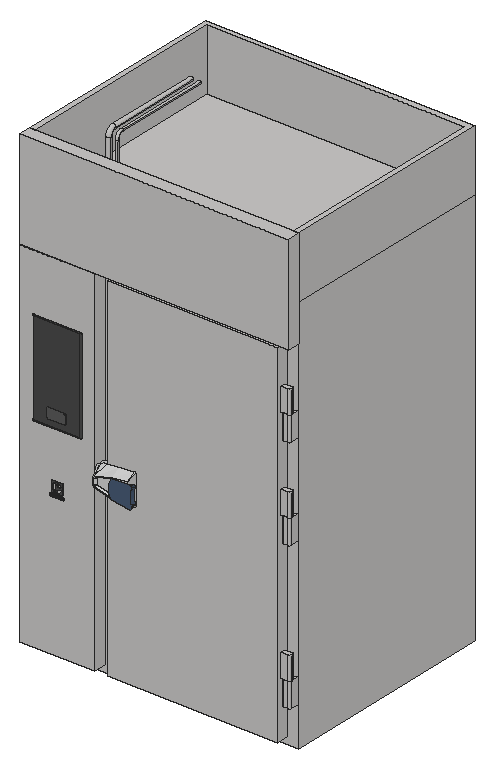
Revit family "QF_ELECTROLUXPROFESSIONAL_727760_EBFA22RN", category Specialty Equipment, Revit 2018
Family settings
  Round Connector Dimension = Use Radius
  Part Type = Normal
  Work Plane-Based = No
  Always vertical = Yes
  Cut with Voids When Loaded = No
  Shared = Yes
  Room Calculation Point = No
Parameters
  Weight = 0.00 kg
  Watts = 0 W
  Volts = 208 V
  URL Manufacturer = "http://professional.electrolux.com"
  URL = "http://professional.electrolux.com"
  Steam Supply Size = 0"
  Steam Supply Minimum Pressure = 0.00 psi
  Steam Supply Maximum Pressure = 0.00 psi
  Steam Pounds per Hour = 0
  Show Logo [instance] = yes
  Refrigeration Suction Line Size = 0"
  Refrigeration Liquid Line Size = 0"
  Refrigerant Compressor Remote = yes
  Phase = 3
  Model = "EBFA22RN"
  Manufacturer = "Electrolux"
  Length Actual = 1400 mm  # constant formula
  Item Number = "727760"
  Hot Water Size = 0"
  Height Actual = 2400 mm  # constant formula
  HP = "9 HP"
  Gas Size = 0"
  Gas KW = 0
  Gas Input Pressure = 0.0 Btu/h
  Direct Waste Size = 3/4"
  Description = "BLAST C/FR 180KG 20GN2/1 REM-208V-US-USB"
  Depth Actual = 1266 mm  # constant formula
  Cycle = 60 Hz
  Condensate Return Size = 0"
  Compressed Air Volume = 0 GPM
  Compressed Air Size = 0"
  Compressed Air Pressure = 0.00 psi
  Cold Water Size = 0"
  Assembly Code = ""
  Show Clearance [instance] = yes
  Accessory = yes
Reference planes
  plane 1 "BACK": y = 1
  plane 2: z = 0
  plane 3 "LEFT": x = 0
  plane 4 "RIGHT": x = 1400
  plane 5 "FRONT": y = -1205
  plane 6 "TOP": z = 2400
  plane 7 "Center Y": x = 700
  plane 8: y = -2155
  plane 9: y = -602
Forms (mm)
  Extrusion 1, solid, material "QF_Clearance", visible <- "Show Clearance", detail levels coarse
    sketch origin (0, 0, -70) x (1, 0, 0) y (0, 1, 0)
      loop
        line (0, -1205) -> (0, 1) -> (1400, 1) -> (1400, -1205) -> (1500, -1205) -> (1500, 101) -> (-100, 101) -> (-100, -1205) -> (0, -1205)
    from 70 to 2670
  Extrusion 2, solid, material "QF_Finishes_Stainless Steel"
    sketch origin (349.253, 33, 630.991) x (-1, 0, 0) y (0, -1, 0)
      loop
        line (349.253, 1172.759) -> (349.253, 1238) -> (-39.747, 1238) -> (-39.747, 1172.759) -> (349.253, 1172.759)
    from -597 to 1254
  Extrusion 3, solid, material "QF_Finishes_Stainless Steel"
    sketch origin (596.16, 27.971, -70) x (1, 0, 0) y (0, 1, 0)
      loop
        line (743.84, -1172.971) -> (-141.16, -1172.971) -> (-141.16, -1232.971) -> (743.84, -1232.971) -> (743.84, -1172.971)
    from 103.991 to 1945.25
  Extrusion 4, solid, material "QF_Door-Drawer Clearances", visible <- "Show Clearance", detail levels coarse
    sketch origin (875, -72.029, -91.802) x (-1, 0, 0) y (0, -1, 0)
      loop
        line (-465, 2025.971) -> (-465, 1132.971) -> (420, 1132.971)
        arc (420, 1132.971) -> (153.836, 1754.227) -> (-465, 2025.971) r 920
    from 125.793 to 1967.052
  Extrusion 5, solid, material "QF_Finishes_Stainless Steel"
    sketch origin (0, -1139.759, 0) x (0, 1, 0) y (-1, 0, 0)
      loop
        line (1140.759, 0) -> (0.759, 0) -> (0.759, -1400) -> (1140.759, -1400) -> (1140.759, 0)
    from 0 to 2080
  Extrusion 6, solid, material "QF_Finishes_Stainless Steel"
    sketch origin (0, 0, -70) x (0, 1, 0) y (0, 0, 1)
      loop
        line (-1139, 2470) -> (-1205, 2470) -> (-1205, 1956) -> (-1139, 1956) -> (-1139, 2470)
    from 0 to 1400
  Extrusion 7, solid, material "QF_Finishes_Stainless Steel"
    sketch origin (0, -1139.759, 2080) x (0, 1, 0) y (-1, 0, 0)
      loop
        line (1140.759, 0) -> (0.759, 0) -> (0.759, -27.807) -> (1112.952, -27.807) -> (1112.952, -1372.193) -> (0.759, -1372.193) -> (0.759, -1400) -> (1140.759, -1400) -> (1140.759, 0)
    from 0 to 320
  Extrusion 8, solid, material "QF_Clearance", visible <- "Show Clearance", detail levels coarse
    sketch origin (0, 0, 2400) x (-1, 0, 0) y (0, -1, 0)
      loop
        line (0, 1205) -> (-1400, 1205) -> (-1400, -1) -> (0, -1) -> (0, 1205)
    from 0 to 200
  Extrusion 9, solid, material "QF_Finishes_Stainless Steel"
    sketch origin (-390.239, -0.977, 1172.559) x (1, 0, 0) y (0, 1, 0)
      loop
        line (1730.239, -1159.557) -> (1730.239, -1186.759) -> (1771.078, -1186.759)
        arc (1771.078, -1186.759) -> (1778.149, -1183.83) -> (1781.078, -1176.759) r 10
        line (1781.078, -1176.759) -> (1781.078, -1169.557)
        arc (1781.078, -1169.557) -> (1778.149, -1162.486) -> (1771.078, -1159.557) r 10
        line (1771.078, -1159.557) -> (1730.239, -1159.557)
    from 398 to 516
  Extrusion 10, solid, material "QF_Finishes_Stainless Steel"
    sketch origin (-388.989, -0.977, 1172.559) x (1, 0, 0) y (0, 1, 0)
      loop
        line (1779.828, -1138.023) -> (1738.215, -1138.023) -> (1738.215, -1176.759)
        arc (1738.215, -1176.759) -> (1741.143, -1183.83) -> (1748.215, -1186.759) r 10
        line (1748.215, -1186.759) -> (1769.828, -1186.759)
        arc (1769.828, -1186.759) -> (1776.899, -1183.83) -> (1779.828, -1176.759) r 10
        line (1779.828, -1176.759) -> (1779.828, -1138.023)
    from 269 to 396
  Extrusion 11, solid, material "QF_Finishes_Handrails and Railings"
    sketch origin (0, -1205, -139.705) x (-1, 0, 0) y (0, 0, 1)
      loop
        arc (-455, 1022.346) -> (-433.392, 1027.289) -> (-413, 1035.976) r 124.815
        arc (-413, 1035.976) -> (-402.037, 1046.425) -> (-398, 1061.023) r 28.412
        line (-398, 1061.023) -> (-398, 1124.287)
        arc (-398, 1124.287) -> (-402.037, 1138.885) -> (-413, 1149.334) r 28.412
        arc (-413, 1149.334) -> (-433.392, 1158.021) -> (-455, 1162.964) r 124.815
        line (-455, 1162.964) -> (-455, 1022.346)
    from 0 to 25
  Extrusion 12, solid, material "QF_Finishes_Stainless Steel"
    sketch origin (0, 1, -70) x (1, 0, 0) y (0, 0, 1)
      loop
        circle (50.191, 2279.706) r 10
    from -2 to 0
  Extrusion 13, solid
    sketch origin (0, 0, -70) x (1, 0, 0) y (0, 1, 0)
      loop
        circle (271, -895) r 12.7
    from 180 to 190
  Sweep 14, solid, material "QF_Finishes_Stainless Steel"
    path in 3D
      loop
        line (196, -872.727, 2090) -> (196, -872.727, 2314.785)
        arc (196, -872.727, 2314.785) -> (196, -863.94, 2335.999) -> (196, -842.727, 2344.785) r 30
        line (196, -842.727, 2344.785) -> (196, -337, 2344.785)
    profile origin (196, -589.864, 2344.785) x (-1, 0, 0) y (0, 0, 1)
      loop
        circle (0, -0.785) r 11
  Sweep 15, solid, material "QF_Finishes_Stainless Steel"
    path in 3D
      loop
        line (239, -337, 2344) -> (239, -842.727, 2344)
        arc (239, -842.727, 2344) -> (239, -863.94, 2335.213) -> (239, -872.727, 2314) r 30
        line (239, -872.727, 2314) -> (239, -872.727, 2090)
    profile origin (239, -589.864, 2344) x (1, 0, 0) y (0, 0, 1)
      loop
        circle (0, 0) r 6
  Extrusion 16, solid, material "QF_Finishes_Stainless Steel"
    sketch origin (0, -1139.759, 2080) x (0, 1, 0) y (-1, 0, 0)
      loop
        line (272.791, -163.68) -> (262.791, -163.68)
        arc (262.791, -163.68) -> (252.185, -168.074) -> (247.791, -178.68) r 15
        line (247.791, -178.68) -> (247.791, -270.358)
        arc (247.791, -270.358) -> (252.185, -280.965) -> (262.791, -285.358) r 15
        line (262.791, -285.358) -> (272.791, -285.358)
        arc (272.791, -285.358) -> (283.398, -280.965) -> (287.791, -270.358) r 15
        line (287.791, -270.358) -> (287.791, -178.68)
        arc (287.791, -178.68) -> (283.398, -168.074) -> (272.791, -163.68) r 15
    from 0 to 10
  Blend 17, solid, material "QF_Finishes_Handrails and Railings"
    base sketch origin (0, -1205, -139.705) x (1, 0, 0) y (0, 0, 1)
      loop
        arc (455, 1162.964) -> (433.392, 1158.021) -> (413, 1149.334) r 124.815
        arc (413, 1149.334) -> (402.037, 1138.885) -> (398, 1124.287) r 28.412
        line (398, 1124.287) -> (398, 1061.023)
        arc (398, 1061.023) -> (402.037, 1046.425) -> (413, 1035.976) r 28.412
        arc (413, 1035.976) -> (433.392, 1027.289) -> (455, 1022.346) r 124.815
        arc (455, 1022.346) -> (524.77, 1014.896) -> (594.859, 1011.587) r 1185.63
        arc (594.859, 1011.587) -> (600.607, 1013.879) -> (603, 1019.586) r 8
        line (603, 1019.586) -> (603, 1165.724)
        arc (603, 1165.724) -> (600.607, 1171.431) -> (594.859, 1173.723) r 8
        arc (594.859, 1173.723) -> (524.77, 1170.414) -> (455, 1162.964) r 1185.63
    top sketch origin (0, -1205, -139.705) x (1, 0, 0) y (0, 0, 1)
      loop
        line (421, 1108.337) -> (421, 1076.973)
        arc (421, 1076.973) -> (423.295, 1069.915) -> (429.302, 1065.557) r 12
        arc (429.302, 1065.557) -> (515.086, 1044.22) -> (603, 1034.974) r 636.459
        line (603, 1034.974) -> (603, 1150.336)
        arc (603, 1150.336) -> (515.086, 1141.09) -> (429.302, 1119.753) r 636.459
        arc (429.302, 1119.753) -> (423.295, 1115.395) -> (421, 1108.337) r 12
    from 0 to 50
  Blend 18, void
    base sketch origin (0, -1255, -139.705) x (-1, 0, 0) y (0, 0, 1)
      loop
        arc (-430.843, 1114.996) -> (-515.866, 1136.151) -> (-603, 1145.333) r 631.459
        line (-603, 1145.333) -> (-603, 1039.977)
        arc (-603, 1039.977) -> (-515.866, 1049.159) -> (-430.843, 1070.314) r 631.459
        arc (-430.843, 1070.314) -> (-427.339, 1072.856) -> (-426, 1076.973) r 7
        line (-426, 1076.973) -> (-426, 1108.337)
        arc (-426, 1108.337) -> (-427.339, 1112.454) -> (-430.843, 1114.996) r 7
    top sketch origin (0, -1255, -139.705) x (-1, 0, 0) y (0, 0, 1)
      loop
        arc (-432.384, 1110.24) -> (-516.647, 1131.211) -> (-603, 1140.33) r 626.459
        line (-603, 1140.33) -> (-603, 1044.98)
        arc (-603, 1044.98) -> (-516.647, 1054.099) -> (-432.384, 1075.07) r 626.459
        arc (-432.384, 1075.07) -> (-431.382, 1075.797) -> (-431, 1076.973) r 2
        line (-431, 1076.973) -> (-431, 1108.337)
        arc (-431, 1108.337) -> (-431.382, 1109.513) -> (-432.384, 1110.24) r 2
    from 0 to 10
  Blend 19, solid, material "QF_Finishes_Electrolux_Blue"
    base sketch origin (0, -1245, -139.705) x (1, 0, 0) y (0, 0, 1)
      loop
        arc (628.567, 1043.419) -> (622.014, 1092.655) -> (628.567, 1141.89) r 188.232
        arc (628.567, 1141.89) -> (627.358, 1147.991) -> (621.77, 1150.721) r 7
        arc (621.77, 1150.721) -> (572.304, 1148.509) -> (523.16, 1142.458) r 636.459
        arc (523.16, 1142.458) -> (507.711, 1092.655) -> (523.16, 1042.852) r 88
        arc (523.16, 1042.852) -> (572.304, 1036.801) -> (621.77, 1034.589) r 636.459
        arc (621.77, 1034.589) -> (627.358, 1037.319) -> (628.567, 1043.419) r 7
    top sketch origin (0, -1245, -139.705) x (1, 0, 0) y (0, 0, 1)
      loop
        arc (626.748, 1050.703) -> (622.014, 1092.655) -> (626.748, 1134.607) r 188.232
        arc (626.748, 1134.607) -> (625.775, 1138.85) -> (621.845, 1140.722) r 5
        arc (621.845, 1140.722) -> (569.023, 1138.185) -> (516.603, 1131.203) r 626.459
        arc (516.603, 1131.203) -> (507.711, 1092.655) -> (516.603, 1054.107) r 88
        arc (516.603, 1054.107) -> (569.023, 1047.124) -> (621.845, 1044.588) r 626.459
        arc (621.845, 1044.588) -> (625.775, 1046.46) -> (626.748, 1050.703) r 5
    from 20 to 0
  Extrusion 20, solid, material "QF_Finishes_Stainless Steel"
    sketch origin (-390.239, -0.977, 692.559) x (1, 0, 0) y (0, 1, 0)
      loop
        line (1730.239, -1159.557) -> (1730.239, -1186.759) -> (1771.078, -1186.759)
        arc (1771.078, -1186.759) -> (1778.149, -1183.83) -> (1781.078, -1176.759) r 10
        line (1781.078, -1176.759) -> (1781.078, -1169.557)
        arc (1781.078, -1169.557) -> (1778.149, -1162.486) -> (1771.078, -1159.557) r 10
        line (1771.078, -1159.557) -> (1730.239, -1159.557)
    from 398 to 516
  Extrusion 21, solid, material "QF_Finishes_Stainless Steel"
    sketch origin (-388.989, -0.977, 692.559) x (1, 0, 0) y (0, 1, 0)
      loop
        line (1779.828, -1138.023) -> (1738.215, -1138.023) -> (1738.215, -1176.759)
        arc (1738.215, -1176.759) -> (1741.143, -1183.83) -> (1748.215, -1186.759) r 10
        line (1748.215, -1186.759) -> (1769.828, -1186.759)
        arc (1769.828, -1186.759) -> (1776.899, -1183.83) -> (1779.828, -1176.759) r 10
        line (1779.828, -1176.759) -> (1779.828, -1138.023)
    from 269 to 396
  Extrusion 22, solid, material "QF_Finishes_Stainless Steel"
    sketch origin (-390.239, -0.977, -67.441) x (1, 0, 0) y (0, 1, 0)
      loop
        line (1730.239, -1159.557) -> (1730.239, -1186.759) -> (1771.078, -1186.759)
        arc (1771.078, -1186.759) -> (1778.149, -1183.83) -> (1781.078, -1176.759) r 10
        line (1781.078, -1176.759) -> (1781.078, -1169.557)
        arc (1781.078, -1169.557) -> (1778.149, -1162.486) -> (1771.078, -1159.557) r 10
        line (1771.078, -1159.557) -> (1730.239, -1159.557)
    from 398 to 516
  Extrusion 23, solid, material "QF_Finishes_Stainless Steel"
    sketch origin (-388.989, -0.977, -67.441) x (1, 0, 0) y (0, 1, 0)
      loop
        line (1779.828, -1138.023) -> (1738.215, -1138.023) -> (1738.215, -1176.759)
        arc (1738.215, -1176.759) -> (1741.143, -1183.83) -> (1748.215, -1186.759) r 10
        line (1748.215, -1186.759) -> (1769.828, -1186.759)
        arc (1769.828, -1186.759) -> (1776.899, -1183.83) -> (1779.828, -1176.759) r 10
        line (1779.828, -1176.759) -> (1779.828, -1138.023)
    from 269 to 396
  Extrusion 24, solid, material "QF_Door-Drawer Clearances", visible <- "Show Clearance", detail levels coarse
    sketch origin (167.029, -1956.84, -70) x (0, 1, 0) y (-1, 0, 0)
      loop
        line (751.84, -1172.971) -> (-141.16, -1172.971) -> (-141.16, -1232.971) -> (751.84, -1232.971) -> (751.84, -1172.971)
    from 103.991 to 1945.25
  Extrusion 25, solid, material "QF_Door-Drawer Clearances", visible <- "Show Clearance", detail levels coarse
    sketch origin (1400, -2553, -139.705) x (0, -1, 0) y (0, 0, 1)
      loop
        arc (-455, 1022.346) -> (-433.392, 1027.289) -> (-413, 1035.976) r 124.815
        arc (-413, 1035.976) -> (-402.037, 1046.425) -> (-398, 1061.023) r 28.412
        line (-398, 1061.023) -> (-398, 1124.287)
        arc (-398, 1124.287) -> (-402.037, 1138.885) -> (-413, 1149.334) r 28.412
        arc (-413, 1149.334) -> (-433.392, 1158.021) -> (-455, 1162.964) r 124.815
        line (-455, 1162.964) -> (-455, 1022.346)
    from 0 to 25
  Blend 26, solid, material "QF_Door-Drawer Clearances", visible <- "Show Clearance", detail levels coarse
    base sketch origin (1400, -2553, -139.705) x (0, 1, 0) y (0, 0, 1)
      loop
        arc (455, 1162.964) -> (433.392, 1158.021) -> (413, 1149.334) r 124.815
        arc (413, 1149.334) -> (402.037, 1138.885) -> (398, 1124.287) r 28.412
        line (398, 1124.287) -> (398, 1061.023)
        arc (398, 1061.023) -> (402.037, 1046.425) -> (413, 1035.976) r 28.412
        arc (413, 1035.976) -> (433.392, 1027.289) -> (455, 1022.346) r 124.815
        arc (455, 1022.346) -> (524.77, 1014.896) -> (594.859, 1011.587) r 1185.63
        arc (594.859, 1011.587) -> (600.607, 1013.879) -> (603, 1019.586) r 8
        line (603, 1019.586) -> (603, 1165.724)
        arc (603, 1165.724) -> (600.607, 1171.431) -> (594.859, 1173.723) r 8
        arc (594.859, 1173.723) -> (524.77, 1170.414) -> (455, 1162.964) r 1185.63
    top sketch origin (1400, -2553, -139.705) x (0, 1, 0) y (0, 0, 1)
      loop
        line (421, 1108.337) -> (421, 1076.973)
        arc (421, 1076.973) -> (423.295, 1069.915) -> (429.302, 1065.557) r 12
        arc (429.302, 1065.557) -> (515.086, 1044.22) -> (603, 1034.974) r 636.459
        line (603, 1034.974) -> (603, 1150.336)
        arc (603, 1150.336) -> (515.086, 1141.09) -> (429.302, 1119.753) r 636.459
        arc (429.302, 1119.753) -> (423.295, 1115.395) -> (421, 1108.337) r 12
    from 0 to 50
  Blend 27, void
    base sketch origin (1450, -2553, -139.705) x (0, -1, 0) y (0, 0, 1)
      loop
        arc (-430.843, 1114.996) -> (-515.866, 1136.151) -> (-603, 1145.333) r 631.459
        line (-603, 1145.333) -> (-603, 1039.977)
        arc (-603, 1039.977) -> (-515.866, 1049.159) -> (-430.843, 1070.314) r 631.459
        arc (-430.843, 1070.314) -> (-427.339, 1072.856) -> (-426, 1076.973) r 7
        line (-426, 1076.973) -> (-426, 1108.337)
        arc (-426, 1108.337) -> (-427.339, 1112.454) -> (-430.843, 1114.996) r 7
    top sketch origin (1450, -2553, -139.705) x (0, -1, 0) y (0, 0, 1)
      loop
        arc (-432.384, 1110.24) -> (-516.647, 1131.211) -> (-603, 1140.33) r 626.459
        line (-603, 1140.33) -> (-603, 1044.98)
        arc (-603, 1044.98) -> (-516.647, 1054.099) -> (-432.384, 1075.07) r 626.459
        arc (-432.384, 1075.07) -> (-431.382, 1075.797) -> (-431, 1076.973) r 2
        line (-431, 1076.973) -> (-431, 1108.337)
        arc (-431, 1108.337) -> (-431.382, 1109.513) -> (-432.384, 1110.24) r 2
    from 0 to 10
  Blend 28, solid, material "QF_Door-Drawer Clearances", visible <- "Show Clearance", detail levels coarse
    base sketch origin (1440, -2553, -139.705) x (0, 1, 0) y (0, 0, 1)
      loop
        arc (628.567, 1043.419) -> (622.014, 1092.655) -> (628.567, 1141.89) r 188.232
        arc (628.567, 1141.89) -> (627.358, 1147.991) -> (621.77, 1150.721) r 7
        arc (621.77, 1150.721) -> (572.304, 1148.509) -> (523.16, 1142.458) r 636.459
        arc (523.16, 1142.458) -> (507.711, 1092.655) -> (523.16, 1042.852) r 88
        arc (523.16, 1042.852) -> (572.304, 1036.801) -> (621.77, 1034.589) r 636.459
        arc (621.77, 1034.589) -> (627.358, 1037.319) -> (628.567, 1043.419) r 7
    top sketch origin (1440, -2553, -139.705) x (0, 1, 0) y (0, 0, 1)
      loop
        arc (626.748, 1050.703) -> (622.014, 1092.655) -> (626.748, 1134.607) r 188.232
        arc (626.748, 1134.607) -> (625.775, 1138.85) -> (621.845, 1140.722) r 5
        arc (621.845, 1140.722) -> (569.023, 1138.185) -> (516.603, 1131.203) r 626.459
        arc (516.603, 1131.203) -> (507.711, 1092.655) -> (516.603, 1054.107) r 88
        arc (516.603, 1054.107) -> (569.023, 1047.124) -> (621.845, 1044.588) r 626.459
        arc (621.845, 1044.588) -> (625.775, 1046.46) -> (626.748, 1050.703) r 5
    from 20 to -1
Cuts and joins
  Blend 18 cuts Blend 17
  joined: Extrusion 11, Blend 17
  Blend 18 cuts Extrusion 4
  Blend 27 cuts Blend 26
  Blend 27 cuts Blend 28
  joined: Extrusion 4, Extrusion 24, Extrusion 25, Blend 26, Blend 28
  joined: Extrusion 7, Extrusion 12
  joined: Extrusion 5, Extrusion 10, Sweep 14, Sweep 15, Extrusion 16, Extrusion 21, Extrusion 23
  joined: Extrusion 3, Extrusion 9, Extrusion 20, Extrusion 22
  joined: Extrusion 1, Extrusion 8
Lines and regions (mm)
  symbolic lines, style "QF-Clearances", visible <- "Show Clearance", detail levels coarse
    curve 1: line (-100, -1204.241, 70) -> (-100, 101, 70)
    curve 2: line (-100, 101, 70) -> (1500, 101, 70)
    curve 3: line (1500, 101, 70) -> (1500, -1204.241, 70)
  symbolic lines
    curve 4: line (185, -336.968, 70) -> (207, -336.968, 70)
    curve 5: line (207, -336.968, 70) -> (207, -871.942, 70)
    curve 6: line (233, -872.727, 70) -> (233, -337, 70)
    curve 7: line (233, -337, 70) -> (245, -337, 70)
    curve 8: line (245, -337, 70) -> (245, -872.727, 70)
    curve 9: line (245, -851.968, 70) -> (270.358, -851.968, 70)
    curve 10: arc (285.358, -866.968, 70) -> (280.965, -856.361, 70) -> (270.358, -851.968, 70) r 15
    curve 11: line (285.358, -876.968, 70) -> (285.358, -866.968, 70)
    curve 12: arc (270.358, -891.968, 70) -> (280.965, -887.575, 70) -> (285.358, -876.968, 70) r 15
    curve 13: line (178.68, -891.968, 70) -> (270.358, -891.968, 70)
    curve 14: arc (163.68, -876.968, 70) -> (168.074, -887.575, 70) -> (178.68, -891.968, 70) r 15
    curve 15: line (163.68, -866.968, 70) -> (163.68, -876.968, 70)
    curve 16: arc (178.68, -851.968, 70) -> (168.074, -856.361, 70) -> (163.68, -866.968, 70) r 15
    curve 17: arc (207, -871.942, 70) -> (196, -882.942, 70) -> (185, -871.942, 70) r 11
    curve 18: arc (233, -872.727, 70) -> (239, -878.727, 70) -> (245, -872.727, 70) r 6
    curve 19: line (178.68, -851.968, 70) -> (185, -851.968, 70)
    curve 20: line (185, -336.968, 70) -> (185, -871.942, 70)
    curve 21: line (207, -851.968, 70) -> (233, -851.968, 70)
    curve 22: line (0, 1, 70) -> (1400, 1, 70)
    curve 23: line (0, -1205, 70) -> (0, 1, 70)
    curve 24: line (1400, -1205, 70) -> (0, -1205, 70)
    curve 25: line (1400, 1, 70) -> (1400, -1205, 70)
    curve 26: line (27.807, -26.807, 70) -> (1372.193, -26.807, 70)
    curve 27: line (27.807, -1139, 70) -> (27.807, -26.807, 70)
    curve 28: line (1400, -1139, 70) -> (0, -1139, 70)
    curve 29: line (1372.193, -26.807, 70) -> (1372.193, -1139, 70)
    curve 30: line (75.5, -1210, 70) -> (313.5, -1210, 70)
    curve 31: line (75.5, -1210, 70) -> (67.5, -1205, 70)
    curve 32: line (313.5, -1210, 70) -> (321.5, -1205, 70)
    curve 33: line (421, -1255, 70) -> (398, -1205, 70)
    curve 34: line (421, -1255, 70) -> (603, -1255, 70)
    curve 35: line (603, -1255, 70) -> (603, -1205, 70)
    curve 36: line (603, -1245, 70) -> (626.748, -1245, 70)
    curve 37: line (626.748, -1245, 70) -> (628.811, -1265, 70)
    curve 38: line (628.811, -1265, 70) -> (507.711, -1265, 70)
    curve 39: line (507.711, -1265, 70) -> (507.711, -1255, 70)
  symbolic lines, style "QF_Door-Drawer Clearances", visible <- "Show Clearance"
    curve 40: line (1450, -2132, 70) -> (1400, -2155, 70)
    curve 41: line (1450, -2132, 70) -> (1450, -1950, 70)
    curve 42: line (1450, -1950, 70) -> (1400, -1950, 70)
    curve 43: line (1439, -1950, 70) -> (1439, -1926.126, 70)
    curve 44: line (1439, -1926.126, 70) -> (1460, -1924.189, 70)
    curve 45: line (1460, -1924.189, 70) -> (1460, -2045.289, 70)
    curve 46: line (1460, -2045.289, 70) -> (1450, -2045.289, 70)
    curve 47: line (1375, -2098, 70) -> (1375, -2155, 70)
    curve 48: line (1340, -2098, 70) -> (1400, -2098, 70)
    curve 49: arc (457.796, -1255, 70) -> (739.031, -1843.801, 70) -> (1340, -2098, 70) r 920
    curve 50: line (1400, -2155, 70) -> (1375, -2155, 70)
    curve 51: line (1400, -2098, 70) -> (1400, -1205, 70)
    curve 58: line (1340, -2098, 70) -> (1340, -1205, 70)
  sketch lines
    curve 52: line (196, -842.727, 2344.785) -> (196, -337, 2344.785)
    curve 53: arc (196, -872.727, 2314.785) -> (196, -863.94, 2335.999) -> (196, -842.727, 2344.785) r 30
    curve 54: line (196, -872.727, 2090) -> (196, -872.727, 2314.785)
    curve 55: line (239, -337, 2344) -> (239, -842.727, 2344)
    curve 56: arc (239, -842.727, 2344) -> (239, -863.94, 2335.213) -> (239, -872.727, 2314) r 30
    curve 57: line (239, -872.727, 2314) -> (239, -872.727, 2090)
Dimensions and locks
  plane 5 "FRONT" to plane 1 "BACK" = 1206 mm
  plane 6 "TOP" to level = 2400 mm
  plane 4 "RIGHT" to plane 3 "LEFT" = 1400 mm
  plane 3 "LEFT" to plane 4 "RIGHT" = 1400 mm
  equal spacing: plane 3 "LEFT", plane 7 "Center Y", plane 4 "RIGHT"
  plane 1 "BACK" to plane 5 "FRONT" = 1206 mm
  aligned and locked: level to plane 2
Automatic sketch dimensions
  plane 5 "FRONT" to Extrusion 1 sketch curve = 0 mm  (x2)
  Extrusion 1 sketch curve to plane 3 "LEFT" = 0 mm
  plane 1 "BACK" to Extrusion 1 sketch curve = 0 mm
  Extrusion 1 sketch curve to plane 4 "RIGHT" = 0 mm
  Extrusion 1 sketch curve to plane 3 "LEFT" = 100 mm
  plane 4 "RIGHT" to Extrusion 1 sketch curve = 100 mm
  Extrusion 1 sketch curve to plane 1 "BACK" = 100 mm
  plane 5 "FRONT" to Extrusion 2 sketch curve = 0 mm
  Extrusion 2 sketch curve to plane 3 "LEFT" = 0 mm
  Extrusion 2 sketch curve to plane 5 "FRONT" = 65.241 mm
  plane 5 "FRONT" to Extrusion 3 sketch curve = 0 mm
  Extrusion 3 sketch curve to plane 5 "FRONT" = 60 mm
  Extrusion 3 sketch curve to plane 4 "RIGHT" = 60 mm
  plane 5 "FRONT" to Extrusion 4 sketch curve = 0 mm
  Extrusion 4 sketch curve to plane 4 "RIGHT" = 25.377 mm
  Extrusion 4 sketch curve to Extrusion 4 sketch curve = 34.623 mm
  Extrusion 4 sketch curve to plane 5 "FRONT" = 26.348 mm
  Extrusion 5 sketch curve to plane 3 "LEFT" = 0 mm
  Extrusion 5 sketch curve to plane 4 "RIGHT" = 0 mm
  plane 1 "BACK" to Extrusion 5 sketch curve = 0 mm
  Extrusion 5 sketch curve to plane 5 "FRONT" = 66 mm
  Extrusion 6 sketch curve to plane 5 "FRONT" = 0 mm
  Extrusion 6 sketch curve to plane 5 "FRONT" = 66 mm
  Extrusion 6 sketch curve to plane 6 "TOP" = 514 mm
  plane 6 "TOP" to Extrusion 6 sketch curve = 0 mm
  Extrusion 5 to Extrusion 7 sketch curve = 0 mm
  Extrusion 7 sketch curve to Extrusion 5 = 0 mm  (x4)
  Extrusion 7 sketch curve to Extrusion 5 = 27.807 mm  (x3)
  Extrusion 8 sketch curve to plane 4 "RIGHT" = 0 mm
  plane 1 "BACK" to Extrusion 8 sketch curve = 0 mm
  Extrusion 8 sketch curve to plane 3 "LEFT" = 0 mm
  plane 5 "FRONT" to Extrusion 8 sketch curve = 0 mm
  Extrusion 9 sketch curve to plane 5 "FRONT" = 17.264 mm
  Extrusion 9 sketch curve to plane 4 "RIGHT" = 60 mm
  Extrusion 9 sketch curve to plane 4 "RIGHT" = 19.161 mm
  Extrusion 9 sketch curve to Extrusion 9 sketch curve = 0 mm
  Extrusion 9 sketch curve to plane 4 "RIGHT" = 9.161 mm
  Extrusion 9 sketch curve to Extrusion 9 sketch curve = 7.202 mm
  Extrusion 10 sketch curve to plane 5 "FRONT" = 27.264 mm
  Extrusion 10 sketch curve to plane 4 "RIGHT" = 50.775 mm
  Extrusion 10 sketch curve to Extrusion 10 sketch curve = 10 mm
  Extrusion 10 sketch curve to plane 4 "RIGHT" = 19.161 mm
  Extrusion 10 sketch curve to plane 4 "RIGHT" = 9.161 mm
  Extrusion 10 sketch curve to Extrusion 10 sketch curve = 38.736 mm
  plane 7 "Center Y" to Extrusion 11 sketch curve = 228.081 mm
  Extrusion 11 sketch curve to Extrusion 11 sketch curve = 0 mm
  Extrusion 11 sketch curve to Extrusion 11 sketch curve = 16.919 mm
  Extrusion 11 sketch curve to Extrusion 11 sketch curve = 28.588 mm  (x2)
  Extrusion 11 sketch curve to Extrusion 11 sketch curve = 28.412 mm
  level to Extrusion 11 sketch curve = 882.641 mm
  Extrusion 11 sketch curve to Extrusion 11 sketch curve = 16.954 mm  (x2)
  Extrusion 11 sketch curve to Extrusion 11 sketch curve = 38.676 mm
  Extrusion 11 sketch curve to Extrusion 11 sketch curve = 63.265 mm
  Extrusion 11 sketch curve to Extrusion 11 sketch curve = 21.722 mm
  plane 3 "LEFT" to Extrusion 12 sketch curve = 50.191 mm
  Extrusion 12 sketch curve to plane 6 "TOP" = 190.294 mm
  Extrusion 13 sketch curve to plane 9 = 293 mm
  Sweep 14 sketch curve to profile plane = 0 mm
  Sweep 14 sketch curve to profile plane = 0.785 mm
  profile plane to Sweep 15 sketch curve = 0 mm
  Sweep 15 sketch curve to profile plane = 0 mm
  Extrusion 16 sketch curve to Extrusion 5 = 247.032 mm
  Extrusion 16 sketch curve to Extrusion 16 sketch curve = 15 mm  (x3)
  Extrusion 16 sketch curve to Extrusion 16 sketch curve = 10 mm  (x2)
  Extrusion 16 sketch curve to Extrusion 5 = 285.358 mm
  Extrusion 16 sketch curve to Extrusion 16 sketch curve = 91.678 mm
  Blend 17 sketch curve to Extrusion 11 = 0 mm  (x4)
  Blend 17 sketch curve to Extrusion 11 = 28.412 mm
  Blend 17 sketch curve to Blend 17 sketch curve = 123.081 mm  (x2)
  Blend 17 sketch curve to Blend 17 sketch curve = 8 mm
  Extrusion 11 to Blend 17 sketch curve = 160.712 mm  (x2)
  Blend 17 sketch curve to Blend 17 sketch curve = 19.715 mm  (x2)
  Blend 17 sketch curve to Blend 17 sketch curve = 38.676 mm
  Blend 17 sketch curve to Extrusion 11 = 23 mm
  Blend 17 sketch curve to Blend 17 sketch curve = 12 mm  (x2)
  Extrusion 11 to Blend 17 sketch curve = 148 mm
  Extrusion 11 to Blend 17 sketch curve = 170.45 mm  (x2)
  Blend 17 sketch curve to Blend 17 sketch curve = 520.701 mm  (x2)
  Blend 17 sketch curve to Blend 17 sketch curve = 41.999 mm
  Blend 17 sketch curve to Blend 17 sketch curve = 31.364 mm
  Blend 17 sketch curve to Blend 17 sketch curve = 115.362 mm
  Blend 17 to Blend 18 sketch curve = 0 mm  (x2)
  Blend 18 sketch curve to Blend 18 sketch curve = 7 mm
  Blend 18 sketch curve to Blend 18 sketch curve = 31.364 mm  (x2)
  Blend 18 sketch curve to Blend 18 sketch curve = 2 mm
  Blend 18 to Blend 19 sketch curve = 18.811 mm  (x2)
  Blend 19 sketch curve to Blend 18 = 7.289 mm  (x2)
  Blend 19 sketch curve to Blend 19 sketch curve = 188.435 mm
  Blend 19 sketch curve to Blend 19 sketch curve = 7 mm  (x2)
  Blend 19 sketch curve to Blend 19 sketch curve = 51.066 mm  (x2)
  Blend 19 sketch curve to Blend 19 sketch curve = 0 mm  (x6)
  Blend 19 sketch curve to Blend 18 = 79.84 mm
  Blend 18 to Blend 19 sketch curve = 18.874 mm  (x2)
  Blend 19 sketch curve to Blend 19 sketch curve = 188.371 mm
  Blend 19 sketch curve to Blend 19 sketch curve = 5 mm  (x2)
  Blend 19 sketch curve to Blend 19 sketch curve = 43.067 mm  (x2)
  Blend 19 sketch curve to Blend 18 = 85.603 mm
  Extrusion 20 sketch curve to plane 5 "FRONT" = 17.264 mm
  Extrusion 20 sketch curve to plane 4 "RIGHT" = 60 mm
  Extrusion 20 sketch curve to plane 4 "RIGHT" = 19.161 mm
  Extrusion 20 sketch curve to Extrusion 20 sketch curve = 0 mm
  Extrusion 20 sketch curve to plane 4 "RIGHT" = 9.161 mm
  Extrusion 20 sketch curve to Extrusion 20 sketch curve = 7.202 mm
  Extrusion 21 sketch curve to plane 5 "FRONT" = 27.264 mm
  Extrusion 21 sketch curve to plane 4 "RIGHT" = 50.775 mm
  Extrusion 21 sketch curve to Extrusion 21 sketch curve = 10 mm
  Extrusion 21 sketch curve to plane 4 "RIGHT" = 19.161 mm
  Extrusion 21 sketch curve to plane 4 "RIGHT" = 9.161 mm
  Extrusion 21 sketch curve to Extrusion 21 sketch curve = 38.736 mm
  Extrusion 22 sketch curve to plane 5 "FRONT" = 17.264 mm
  Extrusion 22 sketch curve to plane 4 "RIGHT" = 60 mm
  Extrusion 22 sketch curve to plane 4 "RIGHT" = 19.161 mm
  Extrusion 22 sketch curve to Extrusion 22 sketch curve = 0 mm
  Extrusion 22 sketch curve to plane 4 "RIGHT" = 9.161 mm
  Extrusion 22 sketch curve to Extrusion 22 sketch curve = 7.202 mm
  Extrusion 23 sketch curve to plane 5 "FRONT" = 27.264 mm
  Extrusion 23 sketch curve to plane 4 "RIGHT" = 50.775 mm
  Extrusion 23 sketch curve to Extrusion 23 sketch curve = 10 mm
  Extrusion 23 sketch curve to plane 4 "RIGHT" = 19.161 mm
  Extrusion 23 sketch curve to plane 4 "RIGHT" = 9.161 mm
  Extrusion 23 sketch curve to Extrusion 23 sketch curve = 38.736 mm
  Extrusion 24 sketch curve to plane 4 "RIGHT" = 0 mm
  plane 5 "FRONT" to Extrusion 24 sketch curve = 0 mm
  Extrusion 24 sketch curve to plane 8 = 57 mm
  Extrusion 24 sketch curve to plane 4 "RIGHT" = 60 mm
  Extrusion 25 sketch curve to plane 8 = 0 mm
  Extrusion 25 sketch curve to Extrusion 25 sketch curve = 28.412 mm  (x2)
  Extrusion 25 sketch curve to Extrusion 25 sketch curve = 28.588 mm
  Extrusion 25 sketch curve to Extrusion 25 sketch curve = 16.919 mm  (x2)
  level to Extrusion 25 sketch curve = 882.641 mm
  Extrusion 25 sketch curve to Extrusion 25 sketch curve = 16.954 mm  (x2)
  Extrusion 25 sketch curve to Extrusion 25 sketch curve = 38.676 mm
  Extrusion 25 sketch curve to Extrusion 25 sketch curve = 63.265 mm
  Extrusion 25 sketch curve to Extrusion 25 sketch curve = 21.722 mm
  Blend 26 sketch curve to Extrusion 25 = 0 mm  (x4)
  Blend 26 sketch curve to Extrusion 25 = 28.412 mm
  Blend 26 sketch curve to Blend 26 sketch curve = 123.081 mm  (x2)
  Blend 26 sketch curve to Blend 26 sketch curve = 8 mm
  Extrusion 25 to Blend 26 sketch curve = 160.712 mm  (x2)
  Blend 26 sketch curve to Blend 26 sketch curve = 19.715 mm  (x2)
  Blend 26 sketch curve to Blend 26 sketch curve = 38.676 mm
  Blend 26 sketch curve to Extrusion 25 = 23 mm
  Blend 26 sketch curve to Blend 26 sketch curve = 12 mm  (x2)
  Extrusion 25 to Blend 26 sketch curve = 148 mm
  Extrusion 25 to Blend 26 sketch curve = 170.45 mm  (x2)
  Blend 26 sketch curve to Blend 26 sketch curve = 520.701 mm  (x2)
  Blend 26 sketch curve to Blend 26 sketch curve = 41.999 mm
  Blend 26 sketch curve to Blend 26 sketch curve = 31.364 mm
  Blend 26 sketch curve to Blend 26 sketch curve = 115.362 mm
  Blend 27 sketch curve to Blend 26 = 0 mm  (x2)
  Blend 27 sketch curve to Blend 27 sketch curve = 7 mm
  Blend 27 sketch curve to Blend 27 sketch curve = 31.364 mm  (x2)
  Blend 27 sketch curve to Blend 27 sketch curve = 2 mm
  Blend 27 to Blend 28 sketch curve = 18.811 mm  (x2)
  Blend 28 sketch curve to Blend 27 = 7.289 mm  (x2)
  Blend 28 sketch curve to Blend 28 sketch curve = 188.435 mm
  Blend 28 sketch curve to Blend 28 sketch curve = 7 mm  (x2)
  Blend 28 sketch curve to Blend 28 sketch curve = 51.066 mm  (x2)
  Blend 28 sketch curve to Blend 28 sketch curve = 0 mm  (x6)
  Blend 28 sketch curve to Blend 27 = 79.84 mm
  Blend 27 to Blend 28 sketch curve = 18.874 mm  (x2)
  Blend 28 sketch curve to Blend 28 sketch curve = 188.371 mm
  Blend 28 sketch curve to Blend 28 sketch curve = 5 mm  (x2)
  Blend 28 sketch curve to Blend 28 sketch curve = 43.067 mm  (x2)
  Blend 28 sketch curve to Blend 27 = 85.603 mm
  plane 7 "Center Y" to Extrusion 2 sketch curve = 311 mm
  plane 7 "Center Y" to Extrusion 3 sketch curve = 245 mm
  plane 7 "Center Y" to Extrusion 4 sketch curve = 245 mm
  plane 3 "LEFT" to Extrusion 13 sketch curve = 271 mm
  plane 8 to curve 47 = 0 mm
  curve 42 to plane 4 "RIGHT" = 0 mm
  plane 5 "FRONT" to curve 33 = 0 mm
  curve 28 to plane 3 "LEFT" = 0 mm
  plane 1 "BACK" to curve 22 = 0 mm
  curve 50 to plane 4 "RIGHT" = 0 mm
  curve 41 to plane 8 = 23 mm
  curve 48 to plane 8 = 57 mm
  curve 48 to curve 46 = 52.711 mm
  curve 46 to curve 41 = 95.289 mm
  plane 4 "RIGHT" to curve 44 = 39 mm
  curve 43 to curve 44 = 23.874 mm
  curve 43 to curve 45 = 1.937 mm
  plane 5 "FRONT" to curve 37 = 60 mm
  plane 5 "FRONT" to curve 34 = 50 mm
  curve 37 to curve 37 = 20 mm
  plane 5 "FRONT" to curve 30 = 5 mm
  curve 49 to plane 5 "FRONT" = 26.348 mm
  plane 3 "LEFT" to curve 13 = 178.68 mm
  curve 13 to plane 9 = 289.968 mm
  curve 13 to curve 14 = 15 mm
  curve 12 to curve 11 = 15 mm
  curve 12 to curve 18 = 4.241 mm
  curve 14 to curve 17 = 5.026 mm
  curve 14 to curve 15 = 10 mm
  curve 12 to curve 11 = 10 mm
  curve 10 to curve 9 = 15 mm
  curve 16 to curve 19 = 15 mm
  plane 9 to curve 7 = 265 mm
  curve 6 to curve 5 = 0.032 mm
  plane 1 "BACK" to curve 26 = 27.807 mm
  curve 2 to plane 1 "BACK" = 100 mm
  curve 42 to curve 43 = 11 mm
  curve 45 to curve 43 = 21 mm
  plane 4 "RIGHT" to curve 2 = 100 mm
  curve 40 to curve 47 = 25 mm
  curve 49 to plane 4 "RIGHT" = 25.377 mm
  curve 29 to plane 4 "RIGHT" = 27.807 mm
  curve 47 to curve 48 = 35 mm
  plane 7 "Center Y" to curve 37 = 71.189 mm
  curve 37 to curve 36 = 2.062 mm
  curve 36 to curve 34 = 23.748 mm
  curve 39 to curve 49 = 49.915 mm
  curve 49 to curve 33 = 36.796 mm
  curve 33 to curve 30 = 107.5 mm
  curve 11 to curve 16 = 106.678 mm
  curve 12 to curve 8 = 25.358 mm
  curve 8 to curve 18 = 6 mm
  curve 6 to curve 4 = 26 mm
  curve 5 to curve 17 = 11 mm
  plane 3 "LEFT" to curve 30 = 75.5 mm
  plane 3 "LEFT" to curve 27 = 27.807 mm
  curve 1 to plane 3 "LEFT" = 100 mm
  curve 3 to plane 5 "FRONT" = 0.759 mm
  curve 1 to plane 5 "FRONT" = 0.759 mm
  curve 49 to curve 29 = 39.652 mm
  curve 17 to curve 21 = 19.974 mm
  curve 33 to curve 33 = 23 mm
  curve 32 to curve 30 = 8 mm
  curve 30 to curve 31 = 8 mm
  radius of Extrusion 12 sketch curve = 10 mm
  radius of Extrusion 13 sketch curve = 12.7 mm
  radius of Sweep 14 sketch curve = 11 mm
  radius of Sweep 15 sketch curve = 6 mm
  radius of Blend 17 sketch curve to Extrusion 11 = 0 mm  (x3)
  radius of Blend 18 sketch curve to Blend 17 = 5 mm  (x3)
  radius of Blend 18 sketch curve to Blend 17 = 10 mm  (x3)
  radius of Blend 18 to Blend 19 sketch curve = 10 mm  (x2)
  radius of Blend 19 sketch curve to Blend 18 = 0 mm  (x2)
  radius of Blend 26 sketch curve to Extrusion 25 = 0 mm  (x3)
  radius of Blend 27 sketch curve to Blend 26 = 5 mm  (x3)
  radius of Blend 27 sketch curve to Blend 26 = 10 mm  (x3)
  radius of Blend 27 to Blend 28 sketch curve = 10 mm  (x2)
  radius of Blend 28 sketch curve to Blend 27 = 0 mm  (x2)
Nested families
  nested 1: "ELX_Touch" at (194.5, -1205, 1338.103) x (1, 0, 0) z (0, -1, 0), type "ELX_Touch"
  nested 2: "ELX_Logo_S_New" at (194.5, -1205, 779.103) x (1, 0, 0) z (0, -1, 0), visible <- "Show Logo", type "ELX_Logo_S_New"
    with M QF_Finishes_Black
  nested 3: "ELX_Logo_Symbol" at (194.5, -1205, 819.103) x (1, 0, 0) z (0, -1, 0), visible <- "Show Logo", type "ELX_Logo_Symbol"
    with M QF_Finishes_Black
Connectors
  piping at (271, -895, 110), diameter 25.4
    settings: on Extrusion 13, index 5, connector inside diameter 24", connector length 0 mm, flow factor 0, pipe flow 0 GPM, pressure drop 0.00 psi, fitting loss kfactor 0, connector angle 0.00°, fixture units 0, engagement length 0 mm, angle of deflection 0.00°, flow configuration 1, flow direction 2, fitting loss method 0, system type 16, joint type 0, gender type 0, connector reference index -1, connector utility 0, adjustable connector no, is connector primary yes, connector description "Drain"
  electrical at (50.191, 3, 2209.706), driven by "Volts"
    settings: on Extrusion 12, index 6, voltage 208 V, apparent load 0 VA, apparent load phase1 0 VA, apparent load phase2 0 VA, apparent load phase3 0 VA, power factor 1, load classification "Altro", number of poles 1, system type 30, power factor state 1, is connector primary yes, connector utility no, sub classification motor no, connector description "Electrical Connection"
  piping at (239, -337, 2344), diameter 12
    settings: on Sweep 15, index 7, connector inside diameter 24", connector length 0 mm, flow factor 0, pipe flow 0 GPM, pressure drop 0.00 psi, fitting loss kfactor 0, connector angle 0.00°, fixture units 0, engagement length 0 mm, angle of deflection 0.00°, flow configuration 1, flow direction 1, fitting loss method 0, system type 8, joint type 0, gender type 0, connector reference index -1, connector utility 0, adjustable connector no, is connector primary no, connector description "Refrigerant Outlet"
  piping at (196, -337, 2344), diameter 22
    settings: on Sweep 14, index 8, connector inside diameter 24", connector length 0 mm, flow factor 0, pipe flow 0 GPM, pressure drop 0.00 psi, fitting loss kfactor 0, connector angle 0.00°, fixture units 0, engagement length 0 mm, angle of deflection 0.00°, flow configuration 1, flow direction 1, fitting loss method 0, system type 7, joint type 0, gender type 0, connector reference index -1, connector utility 0, adjustable connector no, is connector primary no, connector description "Refrigerant Inlet"
Definition of nested family "ELX_Touch"
  Parameters
    Default Elevation = 1219.2 mm
  Reference planes
    plane 1 "Centro (Fronte/Retro)": y = 0
    plane 2: z = 0
    plane 3 "Centro (Sinistra/Destra)": x = 0
  Forms (mm)
    Extrusion 1, solid
      sketch origin (0, 0, 0) x (1, 0, 0) y (0, 1, 0)
        loop
          line (-1219.2, 1219.2) -> (-1219.2, -1219.2) -> (1219.2, -1219.2) -> (1219.2, 1219.2) -> (-1219.2, 1219.2)
      from 0 to -304.8
    Extrusion 2, solid
      sketch origin (0, 0, 5) x (1, 0, 0) y (0, 1, 0)
        loop
          line (-47, -160) -> (-47, -202)
          arc (-47, -202) -> (-45.536, -205.535) -> (-42, -207) r 5
          line (-42, -207) -> (42, -207)
          arc (42, -207) -> (45.536, -205.535) -> (47, -202) r 5
          line (47, -202) -> (47, -160)
          arc (47, -160) -> (45.536, -156.465) -> (42, -155) r 5
          line (42, -155) -> (-42, -155)
          arc (-42, -155) -> (-45.536, -156.465) -> (-47, -160) r 5
      from 0 to 2
    Blend 3, solid
      base sketch origin (0, 0, 0) x (1, 0, 0) y (0, 1, 0)
        loop
          line (-127, 244) -> (-127, -244)
          arc (-127, -244) -> (-125.536, -247.536) -> (-122, -249) r 5
          line (-122, -249) -> (122, -249)
          arc (122, -249) -> (125.536, -247.536) -> (127, -244) r 5
          line (127, -244) -> (127, 244)
          arc (127, 244) -> (125.536, 247.536) -> (122, 249) r 5
          line (122, 249) -> (-122, 249)
          arc (-122, 249) -> (-125.536, 247.536) -> (-127, 244) r 5
      top sketch origin (0, 0, 0) x (1, 0, 0) y (0, 1, 0)
        loop
          line (-119, -241) -> (119, -241) -> (119, 241) -> (-119, 241) -> (-119, -241)
      from 0 to 5
  Lines and regions (mm)
    Split face 1
      outline origin (0, 0, 5) x (1, 0, 0) y (0, 1, 0)
        loop
          line (-70.506, 46.167) -> (70.506, 46.167) -> (70.506, 214.829) -> (-70.506, 214.829) -> (-70.506, 46.167)
    Split face 2
      outline origin (0, 0, 5) x (1, 0, 0) y (0, 1, 0)
        loop
          line (-47.467, 50.825) -> (47.467, 50.825) -> (47.467, 210.171) -> (-47.467, 210.171) -> (-47.467, 50.825)
    Split face 3
      outline origin (0, 0, 5) x (1, 0, 0) y (0, 1, 0)
        loop
          line (-70.521, -215.33) -> (70.521, -215.33) -> (70.521, -146.67) -> (-70.521, -146.67) -> (-70.521, -215.33)
    Split face 4
      outline origin (0, 0, 5) x (1, 0, 0) y (0, 1, 0)
        loop
          line (-119, 201.163) -> (-70.506, 201.163)
        loop
          line (70.506, 201.163) -> (119, 201.163)
        loop
          line (70.521, -200.849) -> (119, -200.849)
        loop
          line (-119, -200.849) -> (-70.521, -200.849)
  Dimensions and locks
    aligned and locked: plane 2 to Extrusion 1
    aligned and locked: level to Extrusion 1
Definition of nested family "ELX_Logo_S_New"
  Parameters
    Default Elevation = 0 mm
    M [instance] = none
  Reference planes
    plane 1 "Centro (Fronte/Retro)": y = 0
    plane 2: z = 0
    plane 3 "Centro (Sinistra/Destra)": x = 0
  Forms (mm)
    Extrusion 1, solid
      sketch origin (0, 0, 0) x (1, 0, 0) y (0, 1, 0)
        loop
          line (-1219.2, 1219.2) -> (-1219.2, -1219.2) -> (1219.2, -1219.2) -> (1219.2, 1219.2) -> (-1219.2, 1219.2)
      from 0 to -304.8
    Extrusion 2, solid, material <- "M"
      sketch origin (0, 0, 0) x (1, 0, 0) y (0, 1, 0)
        loop
          spline (-32.537, -4.135) -> (-32.702, -4.128) -> (-32.877, -4.105) -> (-33.059, -4.064) -> (-33.242, -4.002) -> (-33.422, -3.916) -> (-33.593, -3.803) -> (-33.751, -3.66) -> (-33.891, -3.486) -> (-34.008, -3.276) -> (-34.098, -3.029) -> (-34.155, -2.741) -> (-34.176, -2.41)
          line (-34.176, -2.41) -> (-34.176, -0.943) -> (-29.331, -0.943) -> (-29.331, 0.928) -> (-34.176, 0.928) -> (-34.176, 3.652) -> (-29.023, 3.652) -> (-29.023, 5.518) -> (-36.159, 5.518) -> (-36.159, -2.326)
          spline (-36.159, -2.326) -> (-36.142, -2.808) -> (-36.088, -3.263) -> (-35.996, -3.688) -> (-35.867, -4.083) -> (-35.698, -4.445) -> (-35.489, -4.773) -> (-35.239, -5.066) -> (-34.946, -5.322) -> (-34.61, -5.539) -> (-34.23, -5.716) -> (-33.804, -5.851) -> (-33.332, -5.943)
          line (-33.332, -5.943) -> (-32.554, -5.999) -> (-28.885, -5.999) -> (-28.885, -4.135) -> (-32.537, -4.135)
        loop
          line (-27.476, 0.076) -> (-27.476, -6.002) -> (-25.492, -6.002) -> (-25.492, 5.521) -> (-27.476, 5.521) -> (-27.476, 0.076)
        loop
          spline (-15.702, -2.321) -> (-15.689, -1.697) -> (-15.749, -1.094) -> (-15.879, -0.516) -> (-16.078, 0.029) -> (-16.341, 0.538) -> (-16.668, 1.004) -> (-17.055, 1.422) -> (-17.5, 1.786) -> (-17.999, 2.091) -> (-18.552, 2.331) -> (-19.154, 2.5) -> (-19.804, 2.594)
          spline (-19.804, 2.594) -> (-20.422, 2.558) -> (-21.009, 2.453) -> (-21.56, 2.28) -> (-22.072, 2.042) -> (-22.54, 1.743) -> (-22.96, 1.385) -> (-23.327, 0.97) -> (-23.638, 0.502) -> (-23.887, -0.018) -> (-24.07, -0.586) -> (-24.183, -1.2) -> (-24.222, -1.857)
          spline (-24.222, -1.857) -> (-24.184, -2.498) -> (-24.074, -3.097) -> (-23.895, -3.652) -> (-23.651, -4.16) -> (-23.344, -4.618) -> (-22.979, -5.023) -> (-22.559, -5.374) -> (-22.087, -5.667) -> (-21.567, -5.899) -> (-21.003, -6.068) -> (-20.397, -6.172) -> (-19.754, -6.207)
          spline (-19.754, -6.207) -> (-19.44, -6.2) -> (-19.13, -6.176) -> (-18.823, -6.135) -> (-18.52, -6.074) -> (-18.221, -5.993) -> (-17.925, -5.89) -> (-17.634, -5.762) -> (-17.346, -5.609) -> (-17.062, -5.43) -> (-16.782, -5.221) -> (-16.506, -4.983) -> (-16.234, -4.713)
          line (-16.234, -4.713) -> (-17.429, -3.55)
          spline (-17.429, -3.55) -> (-17.587, -3.702) -> (-17.745, -3.841) -> (-17.906, -3.967) -> (-18.07, -4.08) -> (-18.239, -4.181) -> (-18.415, -4.268) -> (-18.599, -4.343) -> (-18.792, -4.404) -> (-18.996, -4.452) -> (-19.213, -4.486) -> (-19.443, -4.506) -> (-19.688, -4.513)
          spline (-19.688, -4.513) -> (-20.047, -4.496) -> (-20.383, -4.443) -> (-20.696, -4.358) -> (-20.984, -4.24) -> (-21.246, -4.092) -> (-21.479, -3.915) -> (-21.683, -3.711) -> (-21.856, -3.48) -> (-21.997, -3.224) -> (-22.104, -2.945) -> (-22.176, -2.643) -> (-22.212, -2.321)
          line (-22.212, -2.321) -> (-15.702, -2.321)
        loop
          spline (-17.695, -0.926) -> (-17.714, -0.681) -> (-17.771, -0.445) -> (-17.861, -0.221) -> (-17.984, -0.01) -> (-18.135, 0.184) -> (-18.314, 0.36) -> (-18.516, 0.516) -> (-18.741, 0.648) -> (-18.984, 0.755) -> (-19.244, 0.834) -> (-19.518, 0.883) -> (-19.804, 0.9)
          spline (-19.804, 0.9) -> (-20.11, 0.884) -> (-20.405, 0.835) -> (-20.686, 0.757) -> (-20.95, 0.652) -> (-21.195, 0.521) -> (-21.419, 0.367) -> (-21.618, 0.192) -> (-21.79, -0.003) -> (-21.934, -0.214) -> (-22.045, -0.439) -> (-22.122, -0.678) -> (-22.162, -0.926)
          line (-22.162, -0.926) -> (-17.695, -0.926)
        loop
          spline (-12.669, -1.807) -> (-12.646, -1.438) -> (-12.58, -1.088) -> (-12.472, -0.759) -> (-12.326, -0.455) -> (-12.145, -0.177) -> (-11.93, 0.072) -> (-11.685, 0.289) -> (-11.412, 0.473) -> (-11.114, 0.62) -> (-10.793, 0.728) -> (-10.453, 0.794) -> (-10.095, 0.817)
          spline (-10.095, 0.817) -> (-9.876, 0.81) -> (-9.665, 0.79) -> (-9.464, 0.756) -> (-9.271, 0.709) -> (-9.086, 0.65) -> (-8.908, 0.578) -> (-8.737, 0.495) -> (-8.572, 0.399) -> (-8.414, 0.292) -> (-8.261, 0.173) -> (-8.113, 0.044) -> (-7.969, -0.096)
          line (-7.969, -0.096) -> (-6.741, 1.183)
          spline (-6.741, 1.183) -> (-6.985, 1.427) -> (-7.237, 1.647) -> (-7.496, 1.843) -> (-7.762, 2.015) -> (-8.034, 2.164) -> (-8.312, 2.291) -> (-8.596, 2.397) -> (-8.886, 2.482) -> (-9.181, 2.546) -> (-9.481, 2.592) -> (-9.786, 2.619) -> (-10.095, 2.627)
          spline (-10.095, 2.627) -> (-10.715, 2.589) -> (-11.308, 2.476) -> (-11.871, 2.294) -> (-12.396, 2.046) -> (-12.88, 1.736) -> (-13.316, 1.369) -> (-13.7, 0.949) -> (-14.026, 0.48) -> (-14.289, -0.035) -> (-14.483, -0.59) -> (-14.604, -1.182) -> (-14.645, -1.807)
          spline (-14.645, -1.807) -> (-14.604, -2.431) -> (-14.483, -3.023) -> (-14.289, -3.578) -> (-14.026, -4.093) -> (-13.7, -4.562) -> (-13.316, -4.983) -> (-12.88, -5.35) -> (-12.396, -5.659) -> (-11.871, -5.907) -> (-11.308, -6.09) -> (-10.715, -6.202) -> (-10.095, -6.24)
          spline (-10.095, -6.24) -> (-9.786, -6.232) -> (-9.481, -6.205) -> (-9.181, -6.16) -> (-8.886, -6.095) -> (-8.596, -6.01) -> (-8.312, -5.904) -> (-8.034, -5.777) -> (-7.762, -5.628) -> (-7.496, -5.456) -> (-7.237, -5.26) -> (-6.985, -5.04) -> (-6.741, -4.796)
          line (-6.741, -4.796) -> (-7.969, -3.517)
          spline (-7.969, -3.517) -> (-8.113, -3.657) -> (-8.261, -3.786) -> (-8.414, -3.905) -> (-8.572, -4.012) -> (-8.737, -4.108) -> (-8.908, -4.192) -> (-9.086, -4.263) -> (-9.271, -4.323) -> (-9.464, -4.369) -> (-9.665, -4.403) -> (-9.876, -4.423) -> (-10.095, -4.43)
          spline (-10.095, -4.43) -> (-10.453, -4.408) -> (-10.793, -4.341) -> (-11.114, -4.233) -> (-11.412, -4.086) -> (-11.685, -3.902) -> (-11.93, -3.685) -> (-12.145, -3.436) -> (-12.326, -3.158) -> (-12.472, -2.854) -> (-12.58, -2.526) -> (-12.646, -2.176) -> (-12.669, -1.807)
        loop
          spline (-1.683, -4.138) -> (-1.858, -4.14) -> (-2.045, -4.127) -> (-2.24, -4.095) -> (-2.438, -4.04) -> (-2.633, -3.959) -> (-2.822, -3.85) -> (-2.998, -3.709) -> (-3.157, -3.533) -> (-3.294, -3.318) -> (-3.404, -3.061) -> (-3.483, -2.76) -> (-3.524, -2.411)
          line (-3.524, -2.411) -> (-3.524, 0.529) -> (-1.72, 0.529) -> (-1.72, 2.331) -> (-3.522, 2.331) -> (-3.522, 5.521) -> (-5.506, 5.521) -> (-5.506, -2.523)
          spline (-5.506, -2.523) -> (-5.463, -2.99) -> (-5.386, -3.429) -> (-5.274, -3.839) -> (-5.126, -4.218) -> (-4.941, -4.564) -> (-4.717, -4.877) -> (-4.455, -5.155) -> (-4.153, -5.396) -> (-3.81, -5.599) -> (-3.425, -5.762) -> (-2.998, -5.884) -> (-2.528, -5.964)
          line (-2.528, -5.964) -> (-1.69, -6.002) -> (-1.683, -4.138)
        loop
          spline (4.991, 2.446) -> (4.648, 2.468) -> (4.318, 2.461) -> (4.001, 2.429) -> (3.699, 2.371) -> (3.413, 2.288) -> (3.142, 2.182) -> (2.89, 2.052) -> (2.655, 1.901) -> (2.439, 1.728) -> (2.244, 1.535) -> (2.069, 1.322) -> (1.917, 1.091)
          line (1.917, 1.091) -> (1.917, 2.33) -> (-0.051, 2.33) -> (-0.051, -6.002) -> (1.917, -6.002) -> (1.917, -1.621)
          spline (1.917, -1.621) -> (1.935, -1.288) -> (1.988, -0.979) -> (2.075, -0.693) -> (2.195, -0.432) -> (2.345, -0.197) -> (2.526, 0.01) -> (2.736, 0.189) -> (2.972, 0.338) -> (3.235, 0.456) -> (3.522, 0.541) -> (3.832, 0.594) -> (4.165, 0.611)
          line (4.165, 0.611) -> (4.991, 0.529) -> (4.991, 2.446)
        loop
          spline (14.388, -1.836) -> (14.347, -1.224) -> (14.226, -0.642) -> (14.031, -0.093) -> (13.768, 0.418) -> (13.441, 0.887) -> (13.057, 1.308) -> (12.621, 1.677) -> (12.137, 1.989) -> (11.612, 2.24) -> (11.051, 2.425) -> (10.459, 2.539) -> (9.842, 2.578)
          spline (9.842, 2.578) -> (9.221, 2.539) -> (8.627, 2.425) -> (8.064, 2.24) -> (7.539, 1.989) -> (7.056, 1.677) -> (6.62, 1.308) -> (6.237, 0.887) -> (5.912, 0.418) -> (5.65, -0.093) -> (5.456, -0.642) -> (5.336, -1.224) -> (5.295, -1.836)
          spline (5.295, -1.836) -> (5.336, -2.447) -> (5.456, -3.029) -> (5.65, -3.578) -> (5.912, -4.089) -> (6.237, -4.558) -> (6.62, -4.979) -> (7.056, -5.348) -> (7.539, -5.66) -> (8.064, -5.911) -> (8.627, -6.096) -> (9.221, -6.211) -> (9.842, -6.25)
          spline (9.842, -6.25) -> (10.459, -6.211) -> (11.051, -6.096) -> (11.612, -5.911) -> (12.137, -5.66) -> (12.621, -5.348) -> (13.057, -4.979) -> (13.441, -4.558) -> (13.768, -4.089) -> (14.031, -3.578) -> (14.226, -3.029) -> (14.347, -2.447) -> (14.388, -1.836)
        loop
          spline (12.42, -1.836) -> (12.397, -1.475) -> (12.33, -1.131) -> (12.222, -0.807) -> (12.075, -0.504) -> (11.893, -0.227) -> (11.677, 0.022) -> (11.431, 0.241) -> (11.157, 0.426) -> (10.859, 0.575) -> (10.538, 0.685) -> (10.198, 0.753) -> (9.842, 0.777)
          spline (9.842, 0.777) -> (9.482, 0.753) -> (9.14, 0.685) -> (8.818, 0.575) -> (8.519, 0.426) -> (8.246, 0.241) -> (8.001, 0.022) -> (7.786, -0.227) -> (7.605, -0.504) -> (7.459, -0.807) -> (7.352, -1.131) -> (7.286, -1.475) -> (7.263, -1.836)
          spline (7.263, -1.836) -> (7.286, -2.196) -> (7.352, -2.54) -> (7.459, -2.865) -> (7.605, -3.167) -> (7.786, -3.444) -> (8.001, -3.694) -> (8.246, -3.912) -> (8.519, -4.098) -> (8.818, -4.247) -> (9.14, -4.357) -> (9.482, -4.425) -> (9.842, -4.448)
          spline (9.842, -4.448) -> (10.198, -4.425) -> (10.538, -4.357) -> (10.859, -4.247) -> (11.157, -4.098) -> (11.431, -3.912) -> (11.677, -3.694) -> (11.893, -3.444) -> (12.075, -3.167) -> (12.222, -2.865) -> (12.33, -2.54) -> (12.397, -2.196) -> (12.42, -1.836)
        loop
          line (15.608, 0.275) -> (15.608, -6.002) -> (17.593, -6.002) -> (17.593, 5.521) -> (15.608, 5.521) -> (15.608, 0.275)
        loop
          line (24.747, 2.33) -> (24.747, -2.513)
          spline (24.747, -2.513) -> (24.731, -2.828) -> (24.685, -3.112) -> (24.61, -3.366) -> (24.507, -3.59) -> (24.38, -3.785) -> (24.229, -3.952) -> (24.056, -4.091) -> (23.863, -4.203) -> (23.652, -4.29) -> (23.425, -4.35) -> (23.183, -4.386) -> (22.928, -4.398)
          spline (22.928, -4.398) -> (22.674, -4.386) -> (22.432, -4.35) -> (22.205, -4.29) -> (21.994, -4.204) -> (21.802, -4.092) -> (21.629, -3.954) -> (21.478, -3.788) -> (21.35, -3.595) -> (21.248, -3.373) -> (21.173, -3.122) -> (21.126, -2.841) -> (21.11, -2.53)
          line (21.11, -2.53) -> (21.11, 2.33) -> (19.11, 2.33) -> (19.11, -2.696)
          spline (19.11, -2.696) -> (19.145, -3.265) -> (19.248, -3.783) -> (19.413, -4.25) -> (19.636, -4.667) -> (19.912, -5.033) -> (20.236, -5.349) -> (20.603, -5.616) -> (21.008, -5.833) -> (21.446, -6.001) -> (21.913, -6.121) -> (22.403, -6.193) -> (22.912, -6.217)
          spline (22.912, -6.217) -> (23.425, -6.193) -> (23.92, -6.12) -> (24.39, -5.998) -> (24.832, -5.828) -> (25.241, -5.607) -> (25.611, -5.337) -> (25.937, -5.016) -> (26.216, -4.645) -> (26.441, -4.222) -> (26.608, -3.749) -> (26.711, -3.223) -> (26.747, -2.646)
          line (26.747, -2.646) -> (26.747, 2.33) -> (24.747, 2.33)
        loop
          line (34.253, -3.337) -> (33.002, -1.588) -> (34.551, 0.523) -> (35.878, 2.33) -> (33.713, 2.33) -> (31.91, -0.166) -> (30.092, 2.33) -> (27.943, 2.33) -> (29.175, 0.645) -> (30.82, -1.604) -> (29.096, -4.004) -> (27.662, -6.002) -> (29.794, -6.002) -> (31.91, -3.059) -> (34.027, -6.002) -> (36.159, -6.002) -> (34.253, -3.337)
      from 0 to 1.644
  Dimensions and locks
    aligned and locked: plane 2 to Extrusion 1
    aligned and locked: level to Extrusion 1
Definition of nested family "ELX_Logo_Symbol"
  Parameters
    Default Elevation = 0 mm
    M [instance] = none
  Reference planes
    plane 1 "Centro (Fronte/Retro)": y = 0
    plane 2: z = 0
    plane 3 "Centro (Sinistra/Destra)": x = 0
  Forms (mm)
    Extrusion 1, solid
      sketch origin (0, 0, 0) x (1, 0, 0) y (0, 1, 0)
        loop
          line (-1219.2, 1219.2) -> (-1219.2, -1219.2) -> (1219.2, -1219.2) -> (1219.2, 1219.2) -> (-1219.2, 1219.2)
      from 0 to -304.8
    Extrusion 2, solid, material <- "M"
      sketch origin (94.462, 558.781, 0) x (1, 0, 0) y (0, 1, 0)
        loop
          line (-101.645, -583.129) -> (-101.645, -534.543)
          arc (-101.645, -534.543) -> (-119.606, -558.836) -> (-101.645, -583.129) r 25.41
        loop
          arc (-99.174, -583.129) -> (-78.968, -578.537) -> (-69.233, -560.244) r 24.902
          line (-69.233, -560.244) -> (-77.271, -560.244)
          arc (-77.271, -560.244) -> (-91.631, -566.073) -> (-99.174, -579.611) r 23.341
          line (-99.174, -579.611) -> (-99.174, -583.129)
        loop
          arc (-99.174, -538.061) -> (-91.631, -551.599) -> (-77.271, -557.427) r 23.341
          line (-77.271, -557.427) -> (-69.233, -557.427)
          arc (-69.233, -557.427) -> (-78.952, -538.984) -> (-99.174, -533.918) r 25.553
          line (-99.174, -533.918) -> (-99.174, -538.061)
        loop
          line (-67.388, -585.781) -> (-67.388, -531.781) -> (-121.462, -531.781) -> (-121.462, -585.781) -> (-67.388, -585.781)
      from 0 to 1.644
  Dimensions and locks
    aligned and locked: plane 2 to Extrusion 1
    aligned and locked: level to Extrusion 1
